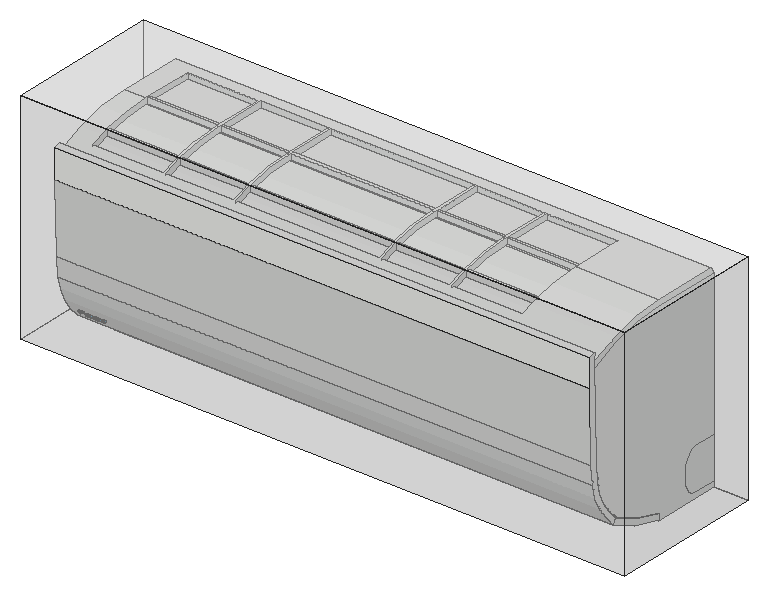
Revit family "outputfile", category 機械設備, Revit 2024
Family settings
  丸型コネクタ寸法 = 半径を使用
  パーツ タイプ = 標準
  OmniClass 番号 = 23.75.10.24.21.27.27
  OmniClass タイトル = Split System Air Conditioning Units
  作業面ベース = いいえ
  常に垂直 = はい
  ロード時にボイドで切り取り = いいえ
  注釈の向きを維持 = いいえ
  共有 = いいえ
  部屋計算ポイント = いいえ
Parameters (values of type "FTKQ25UVM4")
  Description = ""
  書き出し IFC クラス(タイプ) = "IfcUnitaryEquipmentType"
  定義済み IFC タイプ(タイプ) = "AIRCONDITIONINGUNIT"
  Cost = 0
  Type Comments = ""
  Keynote = ""
  Type Image = (empty or 0)
  Assembly Code = ""
  w_wall hole = if(Width = 770.0 mm, 48.0 mm, 60.0 mm)  # 48.0 mm
  製造元 = "Daikin"
  モデル = "FTKQ25UVM4"
  switch_frequency = yes
  r_Liquid Pipe Size = Liquid Pipe Size / 2  # 3.2 mm
  r_Gas Pipe Size = Gas Pipe Size / 2  # 4.75 mm
  r_Drain Pipe Size = Drain Pipe Size / 2  # 8.0 mm
  lw_powersupply [instance] = if(Width = 770.0 mm, if(or(Rear Right Connection_refrigerant, Bottom Right Connection_refrigerant), 25.0 mm, if(or(Rear Left Connection_refrigerant, Bottom Left Connection_refrigerant), 745.0 mm, 400.0 mm)), if(Width = 990.0 mm, if(or(Rear Right Connection_refrigerant, Bottom Right Connection_refrigerant), 40.0 mm, if(or(Rear Left Connection_refrigerant, Bottom Left Connection_refrigerant), 920.0 mm, 400.0 mm)), if(or(Rear Right Connection_refrigerant, Bottom Right Connection_refrigerant), 40.0 mm, if(or(Rear Left Connection_refrigerant, Bottom Left Connection_refrigerant), 920.0 mm, 400.0 mm))))  # 400.0 mm
  lw_liquidpipe [instance] = if(Width = 770.0 mm, if(or(Rear Right Connection_refrigerant, Bottom Right Connection_refrigerant), 0.0 mm, if(or(Rear Left Connection_refrigerant, Bottom Left Connection_refrigerant), 664.0 mm, 385.0 mm)), if(Width = 990.0 mm, if(or(Rear Right Connection_refrigerant, Bottom Right Connection_refrigerant), 0.0 mm, if(or(Rear Left Connection_refrigerant, Bottom Left Connection_refrigerant), 664.0 mm + (990.0 mm - 770.0 mm), 475.0 mm)), if(or(Rear Right Connection_refrigerant, Bottom Right Connection_refrigerant), 0.0 mm, if(or(Rear Left Connection_refrigerant, Bottom Left Connection_refrigerant), 664.0 mm + (990.0 mm - 770.0 mm), 475.0 mm))))  # 385.0 mm
  lw_gaspipe [instance] = if(Width = 770.0 mm, if(or(Rear Right Connection_refrigerant, Bottom Right Connection_refrigerant), 0.0 mm, if(or(Rear Left Connection_refrigerant, Bottom Left Connection_refrigerant), 675.0 mm, if(Gas Pipe Size = 12.7 mm, 345.0 mm, 335.0 mm))), if(Width = 990.0 mm, if(or(Rear Right Connection_refrigerant, Bottom Right Connection_refrigerant), 10.0 mm, if(or(Rear Left Connection_refrigerant, Bottom Left Connection_refrigerant), 890.0 mm, if(Gas Pipe Size = 15.9 mm, 400.0 mm, 400.0 mm))), if(or(Rear Right Connection_refrigerant, Bottom Right Connection_refrigerant), 10.0 mm, if(or(Rear Left Connection_refrigerant, Bottom Left Connection_refrigerant), 890.0 mm, if(Gas Pipe Size = 15.9 mm, 400.0 mm, 400.0 mm)))))  # 335.0 mm
  lw_drainpipe [instance] = if(Width = 770.0 mm, if(or(Rear Right Connection_refrigerant, Bottom Right Connection_refrigerant), 0.0 mm, if(or(Rear Left Connection_refrigerant, Bottom Left Connection_refrigerant), 770.0 mm - 48.0 mm - 48.0 mm, 440.0 mm)), if(Width = 990.0 mm, if(or(Rear Right Connection_refrigerant, Bottom Right Connection_refrigerant), 0.0 mm, if(or(Rear Left Connection_refrigerant, Bottom Left Connection_refrigerant), 675.0 mm + (990.0 mm - 770.0 mm), 435.0 mm)), if(or(Rear Right Connection_refrigerant, Bottom Right Connection_refrigerant), 0.0 mm, if(or(Rear Left Connection_refrigerant, Bottom Left Connection_refrigerant), 675.0 mm + (990.0 mm - 770.0 mm), 435.0 mm))))  # 440.0 mm
  l_powersupply_length [instance] = if(Width = 770.0 mm, if(Right Connection_refrigerant, 400.0 mm, if(Left Connection_refrigerant, 770.0 mm - 400.0 mm, if(or(Rear Left Connection_refrigerant, Rear Right Connection_refrigerant), 15.0 mm, 50.0 mm))), if(Width = 990.0 mm, if(Right Connection_refrigerant, 400.0 mm, if(Left Connection_refrigerant, 990.0 mm - 400.0 mm, if(or(Rear Left Connection_refrigerant, Rear Right Connection_refrigerant), 15.0 mm, 50.0 mm))), if(Right Connection_refrigerant, 400.0 mm, if(Left Connection_refrigerant, 990.0 mm - 400.0 mm, if(or(Rear Left Connection_refrigerant, Rear Right Connection_refrigerant), 15.0 mm, 50.0 mm)))))  # 400.0 mm
  l_liquidpipe_length [instance] = if(Width = 770.0 mm, if(Right Connection_refrigerant, 433.0 mm, if(Left Connection_refrigerant, 337.0 mm, if(or(Rear Left Connection_refrigerant, Rear Right Connection_refrigerant), 30.0 mm, 50.0 mm))), if(Width = 990.0 mm, if(Right Connection_refrigerant, 535.0 mm, if(Left Connection_refrigerant, 455.0 mm, if(or(Rear Left Connection_refrigerant, Rear Right Connection_refrigerant), 30.0 mm, 50.0 mm))), if(Right Connection_refrigerant, 535.0 mm, if(Left Connection_refrigerant, 455.0 mm, if(or(Rear Left Connection_refrigerant, Rear Right Connection_refrigerant), 30.0 mm, 50.0 mm)))))  # 433.0 mm
  l_gaspipe_length [instance] = if(Width = 770.0 mm, if(Right Connection_refrigerant, if(Gas Pipe Size = 12.7 mm, 393.0 mm, 383.0 mm), if(Left Connection_refrigerant, if(Gas Pipe Size = 12.7 mm, 770.0 mm - 393.0 mm, 770.0 mm - 383.0 mm), if(or(Rear Left Connection_refrigerant, Rear Right Connection_refrigerant), 40.0 mm, 40.0 mm))), if(Width = 990.0 mm, if(Right Connection_refrigerant, if(Gas Pipe Size = 15.9 mm, 460.0 mm, 460.0 mm), if(Left Connection_refrigerant, if(Gas Pipe Size = 15.9 mm, 990.0 mm - 460.0 mm, 990.0 mm - 460.0 mm), if(or(Rear Left Connection_refrigerant, Rear Right Connection_refrigerant), 40.0 mm, 40.0 mm))), if(Right Connection_refrigerant, if(Gas Pipe Size = 15.9 mm, 460.0 mm, 460.0 mm), if(Left Connection_refrigerant, if(Gas Pipe Size = 15.9 mm, 990.0 mm - 460.0 mm, 990.0 mm - 460.0 mm), if(or(Rear Left Connection_refrigerant, Rear Right Connection_refrigerant), 40.0 mm, 40.0 mm)))))  # 383.0 mm
  l_drainpipe_length [instance] = if(Width = 770.0 mm, if(Right Connection_refrigerant, 488.0 mm, if(Left Connection_refrigerant, 282.0 mm, if(or(Rear Left Connection_refrigerant, Rear Right Connection_refrigerant), 15.0 mm, 20.0 mm))), if(Width = 990.0 mm, if(Right Connection_refrigerant, 495.0 mm, if(Left Connection_refrigerant, 495.0 mm, if(or(Rear Left Connection_refrigerant, Rear Right Connection_refrigerant), 15.0 mm, 20.0 mm))), if(Right Connection_refrigerant, 495.0 mm, if(Left Connection_refrigerant, 495.0 mm, if(or(Rear Left Connection_refrigerant, Rear Right Connection_refrigerant), 15.0 mm, 20.0 mm)))))  # 488.0 mm
  h*** = 0.0 mm  # constant formula
  connector_voltage = Voltage_50Hz  # 230 V
  connector_powerinput = [Power Input (Cooling)]  # 0.000 kW
  connector_phase = Phase_50Hz  # 1
  angle_vertical [instance] = if(or(Bottom Left Connection_refrigerant, Bottom Right Connection_refrigerant), 0.00°, 90.00°)  # 90.00°
  angle_horizontal [instance] = if(Right Connection_refrigerant, 90.00°, if(Left Connection_refrigerant, -90.00°, if(or(Rear Left Connection_refrigerant, Rear Right Connection_refrigerant), 180.00°, 0.00°)))  # 90.00°
  Width = 770.0 mm
  Voltage_comment_50Hz = "220 - 240"
  Voltage_50Hz = 230 V
  Version = "ver.1.0"
  Unit Type = "Wall Mounted"
  Unit Mass Weight = 8.00 kg
  Unit Designation [instance] = ""
  Uniclass2015Version = "Products v1.30"
  Uniclass2015Title = "Split coil room air conditioning units"
  Uniclass2015Code = "Pr_70_65_03_86"
  URL = ""
  Total Cooling Capacity [instance] = 0.000 kW
  Sound Pressure Level_M speed (dBA) = 32
  Sound Pressure Level_L speed (dBA) = 27
  Sound Pressure Level_H speed (dBA) = 36
  Sound Power Level_H speed (dB) = 0
  Series = "Single Split_Fan Coil Unit"
  Sensible Cooling Capacity [instance] = 0.000 kW
  Refrigerant Type = "R32"
  Power Input (Cooling) = 0.000 kW
  Phase_50Hz = 1
  Option Accessory 3 [instance] = ""
  Option Accessory 2 [instance] = ""
  Option Accessory 1 [instance] = ""
  Nominal Cooling Capacity = 2.500 kW
  Minimum Circuit Amps_50Hz = 0.0 A
  Minimum Airflow = 426.00 m³/h
  Median Airflow = 504.00 m³/h
  Maximum Fuse Amps_50Hz = 0.0 A
  Maximum Airflow = 594.00 m³/h
  Material_Casing = DAIKIN_White_Casing_indoorunit
  Load Classification = HVAC
  Liquid Pipe Size = 6.4 mm
  Link_Nested Family [instance] = ""
  IfcVersion = ""
  IfcExportType = "AIRCONDITIONINGUNIT"
  IfcExportAs = "IfcUnitaryEquipmentType"
  Height = 285.0 mm
  Heat Exchanger Type = "Cross Fin Coil"
  Gas Pipe Size = 9.5 mm
  Frequency_50Hz = 50 Hz
  Fan Type = "Cross Flow Fan"
  Fan Drive = "Direct Drive"
  FCU Tag No. [instance] = ""
  Drain Pipe Size = 16.0 mm
  Design Supply Airflow [instance] = 0.00 m³/h
  Depth = 223.0 mm
  既定の高さ = 0.0 mm
  Cooling Entering Wet Bulb Temperature [instance] = 0.00 °C
  Cooling Entering Dry Bulb Temperature [instance] = 0.00 °C
  Cooling Ambient Wet Bulb Temperature [instance] = 0.00 °C
  Cooling Ambient Dry Bulb Temperature [instance] = 0.00 °C
  Clearance visibility [instance] = yes
  Clearance Top = 30.0 mm
  Clearance Right = 50.0 mm
  Clearance Rear = 0.0 mm
  Clearance Left = 50.0 mm
  Clearance Front = 0.0 mm
  Clearance Bottom = 0.0 mm
  Bottom Right Connection_refrigerant [instance] = no
  Bottom Left Connection_refrigerant [instance] = no
  Rear Right Connection_refrigerant [instance] = no
  Rear Left Connection_refrigerant [instance] = no
  Right Connection_refrigerant [instance] = yes
  Left Connection_refrigerant [instance] = no
Reference planes
  plane 1 "Back": y = 0
  plane 2: z = 0
  plane 3 "Center (Left/Right)": x = 0
  plane 4 "Center (Front/Back)": y = -111.5
  plane 5 "Front": y = -223
  plane 6 "Left": x = -385
  plane 7 "Right": x = 385
  plane 8 "Top": z = 0
  plane 9 "Bottom": z = -285
  plane 10: x = -435
  plane 11: x = 435
  plane 12: y = 0
  plane 13: y = -223
  plane 14: z = 30
  plane 15: z = -285
  plane 16 "lw_Piping and Wiring intake": x = 337
  plane 17 "lw_gaspipe": x = 2
  plane 18 "lw_liquidpipe": x = -48
  plane 19 "lw_drainpipe": x = -103
  plane 20 "lh_drainpipe": z = -265
  plane 21 "lh_liquidpipe": z = -235
  plane 22 "lh_gaspipe": z = -245
  plane 23 "ld_drainpipe": y = -15
  plane 24 "ld_liquidpipe": y = -30
  plane 25 "ld_gaspipe": y = -40
  plane 26 "lw_powersupply": x = -15
Dimensions and locks
  equal spacing: plane 6 "Left", plane 3 "Center (Left/Right)", plane 7 "Right"
  "Width": plane 6 "Left" to plane 7 "Right"
  equal spacing: plane 5 "Front", plane 4 "Center (Front/Back)", plane 1 "Back"
  "Depth": plane 5 "Front" to plane 1 "Back"
  "Height": plane 8 "Top" to plane 9 "Bottom"
  "Clearance Rear": plane 12 to plane 1 "Back"
  "Clearance Front": plane 13 to plane 5 "Front"
  "Clearance Top": plane 14 to plane 8 "Top"
  "Clearance Bottom": plane 9 "Bottom" to plane 15
  "w_wall hole": plane 16 "lw_Piping and Wiring intake" to plane 7 "Right"
  "lw_gaspipe": plane 17 "lw_gaspipe" to plane 16 "lw_Piping and Wiring intake"
  "lw_liquidpipe": plane 18 "lw_liquidpipe" to plane 16 "lw_Piping and Wiring intake"
  "lw_drainpipe": plane 19 "lw_drainpipe" to plane 16 "lw_Piping and Wiring intake"
  locked: plane 20 "lh_drainpipe" to plane 9 "Bottom" at 20
  locked: plane 21 "lh_liquidpipe" to plane 9 "Bottom" at 50
  locked: plane 22 "lh_gaspipe" to plane 9 "Bottom" at 40
  locked: plane 23 "ld_drainpipe" to plane 1 "Back" at 15
  locked: plane 1 "Back" to plane 24 "ld_liquidpipe" at 30
  locked: plane 1 "Back" to plane 25 "ld_gaspipe" at 40
  "lw_powersupply": plane 26 "lw_powersupply" to plane 7 "Right"
  "Clearance Left": plane 10 to plane 6 "Left"
  "Clearance Right": plane 7 "Right" to plane 11
  aligned and locked: level to plane 2
  aligned and locked: plane 12 to nested 1
  aligned and locked: nested 1 to plane 13
  aligned and locked: plane 10 to nested 1
  aligned and locked: plane 11 to nested 1
  aligned and locked: plane 15 to nested 1
  aligned and locked: plane 14 to nested 1
  aligned and locked: plane 17 "lw_gaspipe" to nested 2
  aligned and locked: nested 2 to plane 25 "ld_gaspipe"
  aligned and locked: plane 18 "lw_liquidpipe" to nested 3
  aligned and locked: nested 3 to plane 24 "ld_liquidpipe"
  aligned and locked: plane 19 "lw_drainpipe" to nested 4
  aligned and locked: nested 4 to plane 23 "ld_drainpipe"
  aligned and locked: nested 5 to plane 23 "ld_drainpipe"
  aligned and locked: plane 26 "lw_powersupply" to nested 5
  aligned and locked: level to plane 8 "Top"
  aligned and locked: plane 3 "Center (Left/Right)" to nested 6
  aligned and locked: plane 1 "Back" to nested 6
  aligned and locked: plane 8 "Top" to nested 6
Nested families
  nested 1: "daikin_clearancespace" at (0, -111.5, -127.381), show <- "Clearance visibility", visible <- "Clearance visibility", Link_Nested Family <- "Link_Nested Family", type "daikin_clearancespace"
    with width 870.0 mm, show yes, height 315.0 mm, depth 223.0 mm, Link_Nested Family ""
  nested 2: "daikin_connector_rotate3" at (2, -40, -245), angle_vertical <- "angle_vertical", angle_horizontal <- "angle_horizontal", length <- "l_gaspipe_length", radius <- "r_Gas Pipe Size", type "daikin_connector_rotate3"
    with show no, radius 4.75 mm, length 383.0 mm, angle_vertical 90.00°, angle_horizontal 90.00°
  nested 3: "daikin_connector_rotate3" at (-48, -30, -235), angle_vertical <- "angle_vertical", angle_horizontal <- "angle_horizontal", radius <- "r_Liquid Pipe Size", length <- "l_liquidpipe_length", type "daikin_connector_rotate3"
    with show no, radius 3.2 mm, length 433.0 mm, angle_vertical 90.00°, angle_horizontal 90.00°
  nested 4: "daikin_connector_rotate3" at (-103, -15, -265), angle_vertical <- "angle_vertical", angle_horizontal <- "angle_horizontal", length <- "l_drainpipe_length", radius <- "r_Drain Pipe Size", type "daikin_connector_rotate3"
    with show no, radius 8.0 mm, length 488.0 mm, angle_vertical 90.00°, angle_horizontal 90.00°
  nested 5: "daikin_connector_rotate3" at (-15, -15, -235), angle_vertical <- "angle_vertical", angle_horizontal <- "angle_horizontal", length <- "l_powersupply_length", type "daikin_connector_rotate3"
    with show no, radius 10.0 mm, length 400.0 mm, angle_vertical 90.00°, angle_horizontal 90.00°
  nested 6: "DAIKIN_indoorunit_FTKQ-UVM4" at (-31, 0, 0), type "FTKQ-UVM4"
Connectors
  piping at (385, -40, -245), diameter 9.5, driven by "r_Gas Pipe Size"
    settings: on nested 2, index 1, connector inside diameter 609.6 mm, connector length 0.0 mm, flow factor 0, pipe flow 0.00 m³/h, pressure drop 0.0 Pa, fitting loss kfactor 0, connector angle 0.00°, fixture units 0, engagement length 0.0 mm, angle of deflection 0.00°, flow configuration 1, flow direction 2, fitting loss method 0, system type 29, joint type 0, gender type 0, connector reference index -1, connector utility 0, adjustable connector no, is connector primary yes, connector description "Refrigerant Gas Piping"
  piping at (385, -30, -235), diameter 6.4, driven by "r_Liquid Pipe Size"
    settings: on nested 3, index 2, connector inside diameter 609.6 mm, connector length 0.0 mm, flow factor 0, pipe flow 0.00 m³/h, pressure drop 0.0 Pa, fitting loss kfactor 0, connector angle 0.00°, fixture units 0, engagement length 0.0 mm, angle of deflection 0.00°, flow configuration 1, flow direction 1, fitting loss method 0, system type 29, joint type 0, gender type 0, connector reference index -1, connector utility 0, adjustable connector no, is connector primary no, connector description "Refrigerant Liquid Piping"
  piping at (385, -15, -265), diameter 16, driven by "r_Drain Pipe Size"
    settings: on nested 4, index 3, connector inside diameter 609.6 mm, connector length 0.0 mm, flow factor 0, pipe flow 0.00 m³/h, pressure drop 0.0 Pa, fitting loss kfactor 0, connector angle 0.00°, fixture units 0, engagement length 0.0 mm, angle of deflection 0.00°, flow configuration 1, flow direction 2, fitting loss method 4, system type 16, joint type 0, gender type 0, connector reference index -1, connector utility 0, adjustable connector no, is connector primary no, connector description "Condensate Drain Piping"
  electrical at (385, -15, -235), driven by "Load Classification", driven by "connector_powerinput", driven by "connector_phase", driven by "connector_voltage"
    settings: on nested 5, index 4, voltage 230 V, apparent load 0 VA, apparent load phase1 0 VA, apparent load phase2 0 VA, apparent load phase3 0 VA, power factor 1, load classification "HVAC", number of poles 1, system type 30, power factor state 1, is connector primary yes, connector utility no, sub classification motor no, connector description "Power Supply"
Definition of nested family "daikin_clearancespace"
  Parameters (values of type "daikin_clearancespace")
    Description = "daikin_clearancespace"
    width [instance] = 1823.963 mm
    show [instance] = yes
    material = none
    height [instance] = 1359.762 mm
    depth [instance] = 880.0 mm
    Default Elevation = 0.0 mm
    Link_Nested Family [instance] = ""
  Reference planes
    plane 1 "Center (Front/Back)": y = 0
    plane 2 "Center (Elevation)": z = -0.119
    plane 3 "Center (Left/Right)": x = 0
    plane 4: y = 440
    plane 5: y = -440
    plane 6 "Right": x = 911.982
    plane 7 "Left": x = -911.982
    plane 8 "Top": z = 679.762
    plane 9 "Bottom": z = -680
  Forms (mm)
    Extrusion 1, solid, material <- "material", visible <- "show"
      sketch origin (0, 0, 0) x (1, 0, 0) y (0, 1, 0)
        loop
          line (-911.982, 440) -> (-911.982, -440) -> (911.982, -440) -> (911.982, 440) -> (-911.982, 440)
      from -680 to 679.762
  Lines and regions (mm)
    symbolic lines, visible <- "show"
      curve 1: line (911.982, 440, 0) -> (-911.982, 440, 0)
      curve 2: line (-911.982, 440, 0) -> (-911.982, -440, 0)
      curve 3: line (-911.982, -440, 0) -> (911.982, -440, 0)
      curve 4: line (911.982, -440, 0) -> (911.982, 440, 0)
      curve 5: line (911.982, 0, 679.762) -> (-911.982, 0, 679.762)
      curve 6: line (911.982, 0, -680) -> (911.982, 0, 679.762)
      curve 7: line (-911.982, 0, -680) -> (911.982, 0, -680)
      curve 8: line (-911.982, 0, 679.762) -> (-911.982, 0, -680)
      curve 9: line (0, 440, 679.762) -> (0, -440, 679.762)
      curve 10: line (0, -440, 679.762) -> (0, -440, -680)
      curve 11: line (0, 440, -680) -> (0, 440, 679.762)
      curve 12: line (0, -440, -680) -> (0, 440, -680)
  Dimensions and locks
    "width": plane 7 "Left" to plane 6 "Right"
    "depth": plane 4 to plane 5
    "height": plane 8 "Top" to plane 9 "Bottom"
    equal spacing: plane 7 "Left", plane 3 "Center (Left/Right)", plane 6 "Right"
    equal spacing: plane 4, plane 1 "Center (Front/Back)", plane 5
    equal spacing: plane 8 "Top", plane 2 "Center (Elevation)", plane 9 "Bottom"
    aligned and locked: level to plane 2 "Center (Elevation)"
    aligned and locked: Extrusion 1 sketch curve to plane 4
    aligned and locked: plane 7 "Left" to Extrusion 1 sketch curve
    aligned and locked: Extrusion 1 sketch curve to plane 5
    aligned and locked: Extrusion 1 sketch curve to plane 6 "Right"
    aligned and locked: plane 8 "Top" to Extrusion 1
    aligned and locked: curve 1 to Extrusion 1
    aligned and locked: curve 2 to Extrusion 1
    aligned and locked: curve 3 to Extrusion 1
    aligned and locked: curve 4 to Extrusion 1
    aligned and locked: curve 5 to Extrusion 1
    aligned and locked: curve 6 to Extrusion 1
    aligned and locked: curve 7 to Extrusion 1
    aligned and locked: curve 8 to Extrusion 1
    aligned and locked: curve 9 to Extrusion 1
    aligned and locked: curve 10 to Extrusion 1
    aligned and locked: curve 11 to Extrusion 1
    aligned and locked: curve 12 to Extrusion 1
    aligned and locked: Extrusion 1 to plane 9 "Bottom"
Definition of nested family "DAIKIN_indoorunit_FTKQ-UVM4"
  Parameters (values of type "FTKQ-UVM4")
    Material_Casing = none
    Default Elevation = 0.0 mm
  Reference planes
    plane 1 "Center (Front/Back)": y = 0
    plane 2 "reference_level": z = 0
    plane 3 "Center (Left/Right)": x = 31
    plane 4: x = -354
    plane 5: x = 416
    plane 6: z = -285
  Forms (mm)
    Extrusion 1, solid, material <- "Material_Casing"
      sketch origin (29, 0, 0) x (0, 1, 0) y (0, 0, 1)
        loop
          line (-5, 0) -> (-98, 0)
          arc (-98, 0) -> (-157.611, -7.211) -> (-213.783, -28.427) r 250
          arc (-213.783, -28.427) -> (-213.842, -32.972) -> (-213.892, -37.516) r 2191
          arc (-213.892, -37.516) -> (-157.832, -15.495) -> (-98.07, -8) r 242
          line (-98.07, -8) -> (0, -8) -> (-5, 0)
      from -383 to 387
    Extrusion 2, solid, material <- "Material_Casing"
      sketch origin (416, 1296.25, 1200) x (0, 1, 0) y (0, 0, 1)
        loop
          line (-1472.998, -1446.91) -> (-1476.998, -1453.839)
          arc (-1476.998, -1453.839) -> (-1437.481, -1472.422) -> (-1395.25, -1483.538) r 240
          line (-1395.25, -1483.538) -> (-1395.25, -1475.422)
          arc (-1395.25, -1475.422) -> (-1435.407, -1464.663) -> (-1472.998, -1446.91) r 232
      from 0 to -47.5
    Extrusion 3, solid, material <- "Material_Casing"
      sketch origin (29, 0, 0) x (0, 1, 0) y (0, 0, 1)
        loop
          arc (-223, -60.455) -> (-222.414, -110.646) -> (-220.656, -160.81) r 2149.92
          arc (-220.656, -160.81) -> (-219.65, -174.299) -> (-217.853, -187.706) r 229.911
          arc (-217.853, -187.706) -> (-205.371, -223.594) -> (-181.517, -253.17) r 111
          line (-181.517, -253.17) -> (-177.429, -246.093)
          arc (-177.429, -246.093) -> (-198.77, -218.989) -> (-209.965, -186.36) r 103
          arc (-209.965, -186.36) -> (-211.681, -173.586) -> (-212.651, -160.735) r 221.844
          arc (-212.651, -160.735) -> (-214.739, -93.233) -> (-214.74, -25.699) r 2186.828
          arc (-214.74, -25.699) -> (-214.671, -21.467) -> (-214.594, -17.235) r 2192
          line (-214.594, -17.235) -> (-223, -19.961) -> (-223, -60.455)
      from -383 to 387
    Extrusion 4, solid, material <- "Material_Casing"
      sketch origin (29, 0, -20) x (0, 1, 0) y (0, 0, 1)
        loop
          line (0, -265) -> (0, 12) -> (-98.07, 12)
          arc (-98.07, 12) -> (-157.832, 4.505) -> (-213.892, -17.516) r 242
          arc (-213.892, -17.516) -> (-213.638, -79.114) -> (-211.653, -140.681) r 2191
          arc (-211.653, -140.681) -> (-210.685, -153.501) -> (-208.973, -166.243) r 221
          arc (-208.973, -166.243) -> (-197.471, -199.282) -> (-175.482, -226.491) r 102
          arc (-175.482, -226.491) -> (-138.004, -244.019) -> (-98, -254.579) r 231
          line (-98, -254.579) -> (-98, -265) -> (0, -265)
      from -383 to 387
    Extrusion 5, solid, material <- "Material_Casing"
      sketch origin (-354, 1296.25, 1200) x (0, 1, 0) y (0, 0, 1)
        loop
          line (-1472.998, -1446.91) -> (-1476.998, -1453.839)
          arc (-1476.998, -1453.839) -> (-1437.481, -1472.422) -> (-1395.25, -1483.538) r 240
          line (-1395.25, -1483.538) -> (-1395.25, -1475.422)
          arc (-1395.25, -1475.422) -> (-1435.407, -1464.663) -> (-1472.998, -1446.91) r 232
      from 47 to 0
    Extrusion 6, solid, material <- "Material_Casing"
      sketch origin (416, 1296.25, 1200) x (0, 1, 0) y (0, 0, 1)
        loop
          line (-1472.998, -1446.91) -> (-1476.998, -1453.839)
          arc (-1476.998, -1453.839) -> (-1443.437, -1470.168) -> (-1407.75, -1481.097) r 240
          line (-1407.75, -1481.097) -> (-1407.75, -1472.894)
          arc (-1407.75, -1472.894) -> (-1441.363, -1462.385) -> (-1472.998, -1446.91) r 232
      from -116.993 to -48.493
    Extrusion 7, solid, material <- "Material_Casing"
      sketch origin (416, 1296.25, 1200) x (0, 1, 0) y (0, 0, 1)
        loop
          line (-1472.998, -1446.91) -> (-1476.998, -1453.839)
          arc (-1476.998, -1453.839) -> (-1443.437, -1470.168) -> (-1407.75, -1481.097) r 240
          line (-1407.75, -1481.097) -> (-1407.75, -1472.894)
          arc (-1407.75, -1472.894) -> (-1441.363, -1462.385) -> (-1472.998, -1446.91) r 232
      from -717 to -121.993
    Extrusion 8, void
      sketch origin (31, 0, -235) x (1, 0, 0) y (0, 1, 0)
        loop
          line (-252.674, -22.316) -> (-354.941, -22.316) -> (-354.941, -91.341) -> (-252.674, -91.341) -> (-252.674, -22.316)
        loop
          line (-249.341, -91.341) -> (-151.574, -91.341) -> (-151.574, -22.316) -> (-249.341, -22.316) -> (-249.341, -91.341)
        loop
          line (58.309, -22.316) -> (-148.309, -22.316) -> (-148.309, -91.341) -> (58.309, -91.341) -> (58.309, -22.316)
        loop
          line (61.689, -22.316) -> (61.689, -91.341) -> (159.457, -91.341) -> (159.457, -22.316) -> (61.689, -22.316)
        loop
          line (162.789, -22.316) -> (162.789, -91.341) -> (265.057, -91.341) -> (265.057, -22.316) -> (162.789, -22.316)
        loop
          line (-354.941, -94.659) -> (-354.941, -165.259) -> (-252.674, -165.259) -> (-252.674, -94.659) -> (-354.941, -94.659)
        loop
          line (-249.341, -94.659) -> (-249.341, -165.259) -> (-151.574, -165.259) -> (-151.574, -94.659) -> (-249.341, -94.659)
        loop
          line (-148.309, -94.659) -> (-148.309, -165.259) -> (58.309, -165.259) -> (58.309, -94.659) -> (-148.309, -94.659)
        loop
          line (61.689, -94.659) -> (61.689, -165.259) -> (159.457, -165.259) -> (159.457, -94.659) -> (61.689, -94.659)
        loop
          line (162.789, -94.659) -> (162.789, -165.259) -> (265.057, -165.259) -> (265.057, -94.659) -> (162.789, -94.659)
        loop
          line (-354.941, -167.382) -> (-354.941, -192.681) -> (-252.674, -192.681) -> (-252.674, -167.382) -> (-354.941, -167.382)
        loop
          line (-249.341, -167.382) -> (-249.341, -192.681) -> (-151.574, -192.681) -> (-151.574, -167.382) -> (-249.341, -167.382)
        loop
          line (-148.309, -167.382) -> (-148.309, -192.681) -> (58.309, -192.681) -> (58.309, -167.382) -> (-148.309, -167.382)
        loop
          line (159.457, -167.382) -> (61.689, -167.382) -> (61.689, -192.681) -> (159.457, -192.681) -> (159.457, -167.382)
        loop
          line (265.057, -167.382) -> (162.789, -167.382) -> (162.789, -192.681) -> (265.057, -192.681) -> (265.057, -167.382)
      from 201.638 to 250
    Extrusion 9, solid, material <- "Material_Casing"
      sketch origin (31, 0, 0) x (1, 0, 0) y (0, 0, 1)
        loop
          circle (337, -240.5) r 32.5
        loop
          circle (-337, -240.5) r 32.5
      from 0 to 5
    Extrusion 10, solid, material <- "Material_Casing"
      sketch origin (416, 1296.25, 1200) x (0, -1, 0) y (0, 0, 1)
        loop
          line (1326.25, -1417) -> (1296.25, -1417) -> (1296.25, -1477) -> (1326.25, -1477)
          arc (1326.25, -1477) -> (1340.393, -1471.142) -> (1346.25, -1457) r 20
          line (1346.25, -1457) -> (1346.25, -1437)
          arc (1346.25, -1437) -> (1340.393, -1422.858) -> (1326.25, -1417) r 20
      from 0 to 5
    Extrusion 11, solid, material <- "Material_Casing"
      sketch origin (-354, 1296.25, 1200) x (0, 1, 0) y (0, 0, 1)
        loop
          line (-1296.25, -1417) -> (-1326.25, -1417)
          arc (-1326.25, -1417) -> (-1340.393, -1422.858) -> (-1346.25, -1437) r 20
          line (-1346.25, -1437) -> (-1346.25, -1457)
          arc (-1346.25, -1457) -> (-1340.393, -1471.142) -> (-1326.25, -1477) r 20
          line (-1326.25, -1477) -> (-1296.25, -1477) -> (-1296.25, -1417)
      from 0 to 5
    Extrusion 12, solid, material <- "Material_Casing"
      sketch origin (31, 0, -285) x (-1, 0, 0) y (0, -1, 0)
        loop
          line (-314, 0) -> (-314, 30)
          arc (-314, 30) -> (-319.858, 44.142) -> (-334, 50) r 20
          line (-334, 50) -> (-354, 50)
          arc (-354, 50) -> (-368.142, 44.142) -> (-374, 30) r 20
          line (-374, 30) -> (-374, 0) -> (-314, 0)
        loop
          line (374, 0) -> (374, 30)
          arc (374, 30) -> (368.142, 44.142) -> (354, 50) r 20
          line (354, 50) -> (334, 50)
          arc (334, 50) -> (319.858, 44.142) -> (314, 30) r 20
          line (314, 30) -> (314, 0) -> (374, 0)
      from 0 to 5
  Cuts and joins
    Extrusion 8 cuts Extrusion 1
  Lines and regions (mm)
    reference lines
      curve 1: line (-523, -201.911, -229.404) -> (-523, -193.542, -239.977)
  Dimensions and locks
    locked: Extrusion 10 sketch curve to Extrusion 10 sketch curve at 60
    locked: Extrusion 10 sketch curve to Extrusion 10 sketch curve at 50
    locked: Extrusion 12 sketch curve to Extrusion 12 sketch curve at 60  (x2)
    locked: Extrusion 12 sketch curve to Extrusion 12 sketch curve at 50
    equal spacing: plane 5, plane 3 "Center (Left/Right)", plane 4
    plane 5 to plane 4 = 770.0 mm
    locked: Extrusion 9 sketch curve to plane 4 at 48
    plane 5 to Extrusion 9 sketch curve = 48.0 mm
    plane 2 "reference_level" to plane 6 = 285.0 mm
    locked: Extrusion 9 sketch curve to plane 6 at 44.5  (x2)
    diameter of Extrusion 9 sketch curve = 65.0 mm  (x2)
    aligned and locked: level to plane 2 "reference_level"
    aligned and locked: nested 1 to curve 1
    aligned and locked: Extrusion 11 sketch curve to Extrusion 10  (x4)
    aligned and locked: Extrusion 12 sketch curve to Extrusion 12 sketch curve  (x2)
    aligned and locked: Extrusion 9 to plane 1 "Center (Front/Back)"
  Automatic sketch dimensions
    curve 1 to level = 239.977 mm
    plane 1 "Center (Front/Back)" to curve 1 = 193.542 mm
    curve 1 to curve 1 = 10.573 mm
    curve 1 to curve 1 = 8.368 mm
    Extrusion 1 sketch curve to level = 0.0 mm
    Extrusion 1 sketch curve to plane 1 "Center (Front/Back)" = 0.0 mm
    plane 1 "Center (Front/Back)" to Extrusion 1 sketch curve = 5.0 mm
    plane 1 "Center (Front/Back)" to Extrusion 1 sketch curve = 98.0 mm
    Extrusion 1 sketch curve to Extrusion 1 sketch curve = 0.07 mm
    Extrusion 1 sketch curve to level = 59.292 mm
    Extrusion 1 sketch curve to plane 1 "Center (Front/Back)" = 1977.0 mm
    Extrusion 1 sketch curve to level = 250.0 mm
    Extrusion 1 sketch curve to Extrusion 1 sketch curve = 0.0 mm
    Extrusion 1 sketch curve to level = 8.0 mm
    Extrusion 1 sketch curve to level = 28.427 mm
    plane 1 "Center (Front/Back)" to Extrusion 2 sketch curve = 180.748 mm
    Extrusion 2 sketch curve to Extrusion 2 sketch curve = 4.0 mm
    Extrusion 2 sketch curve to Extrusion 2 sketch curve = 77.747 mm
    plane 1 "Center (Front/Back)" to Extrusion 2 sketch curve = 59.279 mm
    Extrusion 2 sketch curve to Extrusion 2 sketch curve = 0.0 mm
    Extrusion 2 sketch curve to level = 283.538 mm
    Extrusion 2 sketch curve to Extrusion 2 sketch curve = 8.116 mm
    Extrusion 2 sketch curve to Extrusion 2 sketch curve = 21.583 mm
    Extrusion 2 sketch curve to Extrusion 2 sketch curve = 6.929 mm
    Extrusion 3 sketch curve to level = 19.961 mm
    plane 1 "Center (Front/Back)" to Extrusion 3 sketch curve = 223.0 mm
    Extrusion 3 sketch curve to level = 17.235 mm
    Extrusion 3 sketch curve to Extrusion 3 sketch curve = 8.406 mm
    plane 1 "Center (Front/Back)" to Extrusion 3 sketch curve = 181.517 mm
    Extrusion 3 sketch curve to Extrusion 3 sketch curve = 4.087 mm
    Extrusion 3 sketch curve to Extrusion 3 sketch curve = 69.11 mm
    Extrusion 3 sketch curve to Extrusion 3 sketch curve = 0.001 mm
    Extrusion 3 sketch curve to plane 1 "Center (Front/Back)" = 8.955 mm
    Extrusion 3 sketch curve to Extrusion 3 sketch curve = 0.067 mm
    Extrusion 3 sketch curve to level = 60.455 mm
    Extrusion 3 sketch curve to Extrusion 3 sketch curve = 1917.898 mm
    Extrusion 3 sketch curve to Extrusion 3 sketch curve = 44.907 mm
    Extrusion 3 sketch curve to Extrusion 3 sketch curve = 5.172 mm
    Extrusion 3 sketch curve to level = 150.456 mm
    Extrusion 3 sketch curve to Extrusion 3 sketch curve = 0.006 mm
    Extrusion 3 sketch curve to Extrusion 3 sketch curve = 19.265 mm
    Extrusion 3 sketch curve to Extrusion 3 sketch curve = 0.004 mm
    Extrusion 3 sketch curve to Extrusion 3 sketch curve = 76.368 mm
    Extrusion 3 sketch curve to Extrusion 3 sketch curve = 7.077 mm
    Extrusion 3 sketch curve to Extrusion 3 sketch curve = 1.002 mm
    Extrusion 3 sketch curve to Extrusion 3 sketch curve = 0.046 mm
    Extrusion 3 sketch curve to Extrusion 3 sketch curve = 8.005 mm
    Extrusion 3 sketch curve to Extrusion 3 sketch curve = 0.147 mm
    Extrusion 3 sketch curve to Extrusion 3 sketch curve = 0.0 mm
    Extrusion 4 sketch curve to plane 1 "Center (Front/Back)" = 0.0 mm
    plane 1 "Center (Front/Back)" to Extrusion 4 sketch curve = 59.278 mm
    Extrusion 4 sketch curve to Extrusion 4 sketch curve = 98.0 mm
    Extrusion 4 sketch curve to Extrusion 4 sketch curve = 0.0 mm  (x3)
    Extrusion 4 sketch curve to level = 8.0 mm
    Extrusion 4 sketch curve to Extrusion 4 sketch curve = 38.791 mm
    Extrusion 4 sketch curve to Extrusion 4 sketch curve = 10.249 mm
    Extrusion 4 sketch curve to plane 1 "Center (Front/Back)" = 9.11 mm
    Extrusion 4 sketch curve to level = 59.292 mm
    Extrusion 4 sketch curve to Extrusion 4 sketch curve = 1967.89 mm
    Extrusion 4 sketch curve to Extrusion 4 sketch curve = 142.454 mm
    Extrusion 4 sketch curve to Extrusion 4 sketch curve = 19.271 mm
    Extrusion 4 sketch curve to Extrusion 4 sketch curve = 80.275 mm
    Extrusion 4 sketch curve to Extrusion 4 sketch curve = 24.579 mm
    Extrusion 4 sketch curve to Extrusion 4 sketch curve = 10.421 mm
    Extrusion 4 sketch curve to level = 46.847 mm
    Extrusion 4 sketch curve to Extrusion 4 sketch curve = 77.412 mm
    Extrusion 4 sketch curve to Extrusion 4 sketch curve = 33.49 mm
    Extrusion 4 sketch curve to Extrusion 4 sketch curve = 2.68 mm
    plane 1 "Center (Front/Back)" to Extrusion 5 sketch curve = 180.748 mm
    Extrusion 5 sketch curve to Extrusion 5 sketch curve = 4.0 mm
    Extrusion 5 sketch curve to Extrusion 5 sketch curve = 77.747 mm
    plane 1 "Center (Front/Back)" to Extrusion 5 sketch curve = 59.279 mm
    Extrusion 5 sketch curve to Extrusion 5 sketch curve = 0.0 mm
    Extrusion 5 sketch curve to level = 283.538 mm
    Extrusion 5 sketch curve to Extrusion 5 sketch curve = 8.116 mm
    Extrusion 5 sketch curve to Extrusion 5 sketch curve = 21.583 mm
    Extrusion 5 sketch curve to Extrusion 5 sketch curve = 6.929 mm
    plane 1 "Center (Front/Back)" to Extrusion 6 sketch curve = 180.748 mm
    Extrusion 6 sketch curve to Extrusion 6 sketch curve = 4.0 mm
    Extrusion 6 sketch curve to Extrusion 6 sketch curve = 65.247 mm
    plane 1 "Center (Front/Back)" to Extrusion 6 sketch curve = 59.279 mm
    Extrusion 6 sketch curve to Extrusion 6 sketch curve = 0.0 mm
    Extrusion 6 sketch curve to level = 281.097 mm
    Extrusion 6 sketch curve to Extrusion 6 sketch curve = 8.203 mm
    Extrusion 6 sketch curve to Extrusion 6 sketch curve = 19.055 mm
    Extrusion 6 sketch curve to Extrusion 6 sketch curve = 6.929 mm
    plane 1 "Center (Front/Back)" to Extrusion 7 sketch curve = 180.748 mm
    Extrusion 7 sketch curve to Extrusion 7 sketch curve = 4.0 mm
    Extrusion 7 sketch curve to Extrusion 7 sketch curve = 65.247 mm
    plane 1 "Center (Front/Back)" to Extrusion 7 sketch curve = 59.279 mm
    Extrusion 7 sketch curve to Extrusion 7 sketch curve = 0.0 mm
    Extrusion 7 sketch curve to level = 281.097 mm
    Extrusion 7 sketch curve to Extrusion 7 sketch curve = 8.203 mm
    Extrusion 7 sketch curve to Extrusion 7 sketch curve = 19.055 mm
    Extrusion 7 sketch curve to Extrusion 7 sketch curve = 6.929 mm
    plane 1 "Center (Front/Back)" to Extrusion 8 sketch curve = 165.259 mm  (x2)
    Extrusion 8 sketch curve to plane 3 "Center (Left/Right)" = 354.941 mm
    plane 1 "Center (Front/Back)" to Extrusion 8 sketch curve = 22.316 mm  (x3)
    Extrusion 8 sketch curve to Extrusion 8 sketch curve = 0.0 mm  (x26)
    Extrusion 8 sketch curve to Extrusion 8 sketch curve = 102.268 mm  (x2)
    Extrusion 8 sketch curve to Extrusion 8 sketch curve = 3.332 mm  (x4)
    Extrusion 8 sketch curve to Extrusion 8 sketch curve = 97.768 mm  (x2)
    Extrusion 8 sketch curve to Extrusion 8 sketch curve = 3.264 mm  (x3)
    plane 3 "Center (Left/Right)" to Extrusion 8 sketch curve = 58.309 mm
    Extrusion 8 sketch curve to Extrusion 8 sketch curve = 3.38 mm  (x3)
    Extrusion 8 sketch curve to Extrusion 8 sketch curve = 2.124 mm  (x6)
    Extrusion 8 sketch curve to Extrusion 8 sketch curve = 25.299 mm  (x2)
    Extrusion 8 sketch curve to Extrusion 8 sketch curve = 70.6 mm
    Extrusion 8 sketch curve to Extrusion 8 sketch curve = 3.317 mm  (x4)
    Extrusion 10 sketch curve to plane 1 "Center (Front/Back)" = 0.0 mm
    Extrusion 10 sketch curve to Extrusion 10 sketch curve = 20.0 mm  (x2)
    Extrusion 10 sketch curve to level = 277.0 mm
    plane 1 "Center (Front/Back)" to Extrusion 12 sketch curve = 0.0 mm
    plane 3 "Center (Left/Right)" to Extrusion 12 sketch curve = 374.0 mm
    Extrusion 12 sketch curve to Extrusion 12 sketch curve = 20.0 mm  (x3)
    plane 1 "Center (Front/Back)" to Extrusion 12 sketch curve = 30.0 mm
    Extrusion 12 sketch curve to plane 3 "Center (Left/Right)" = 314.0 mm
  Nested families
    nested 1: "daikin_logo_plane_w40" at (-320, -198.871, -233.244) x (1, 0, 0) z (0, -0.7841, -0.6206), type "daikin_logo_plane_w40"
      with show_logo yes
  Definition of nested family "daikin_logo_plane_w40"
    Parameters (values of type "daikin_logo_plane_w40")
      width = 40.0 mm
      show_logo [instance] = yes
      material = none
      height = 0.0 mm
      depth = 0.0 mm
      Default Elevation = 1219.2 mm
    Reference planes
      plane 1 "Center (Front/Back)": y = 0
      plane 2: z = 0
      plane 3 "Center (Left/Right)": x = 0
      plane 4: z = 2
      plane 5 "left": x = -19
      plane 6: x = 19
    Forms (mm)
      Extrusion 1, solid, visible <- "show_logo"
        sketch origin (-19, 0, 0) x (1, 0, 0) y (0, 1, 0)
          loop
            line (8.902, -1.878) -> (7.789, -6.332) -> (11.13, -6.332)
            arc (11.13, -6.332) -> (12.454, -6.064) -> (13.472, -5.176) r 2.642
            arc (13.472, -5.176) -> (13.92, -4.02) -> (13.767, -2.79) r 2.537
            arc (13.767, -2.79) -> (13.452, -2.342) -> (12.982, -2.06) r 1.321
            arc (12.982, -2.06) -> (12.063, -1.902) -> (11.13, -1.878) r 6.479
            line (11.13, -1.878) -> (8.902, -1.878)
          loop
            line (10.016, -5.441) -> (10.907, -5.441)
            arc (10.907, -5.441) -> (11.591, -4.983) -> (11.988, -4.261) r 1.742
            spline (11.988, -4.261) -> (12.01, -4.155) -> (12.027, -4.03) -> (12.037, -3.893) -> (12.037, -3.747) -> (12.026, -3.598) -> (12.002, -3.451) -> (11.962, -3.31) -> (11.905, -3.181) -> (11.829, -3.069) -> (11.731, -2.978) -> (11.61, -2.913) -> (11.464, -2.88)
            line (11.464, -2.88) -> (10.573, -2.88) -> (10.016, -5.441)
          loop
            line (13.58, -6.332) -> (14.805, -6.332) -> (15.223, -5.553) -> (16.977, -5.553) -> (17.144, -6.332) -> (19.149, -6.332) -> (18.258, -1.878) -> (16.03, -1.878) -> (13.58, -6.332)
          loop
            line (16.476, -3.214) -> (15.76, -4.551) -> (16.762, -4.551) -> (16.476, -3.214)
          loop
            line (19.705, -6.332) -> (21.599, -6.332) -> (22.712, -1.878) -> (20.819, -1.878) -> (19.705, -6.332)
          loop
            line (22.712, -6.332) -> (24.606, -6.332) -> (24.908, -5.122) -> (25.831, -6.332) -> (28.17, -6.332) -> (26.388, -3.994) -> (28.949, -1.878) -> (26.945, -1.878) -> (25.401, -3.153) -> (25.719, -1.878) -> (23.826, -1.878) -> (22.712, -6.332)
          loop
            line (29.84, -1.878) -> (28.615, -6.332) -> (30.62, -6.332) -> (31.734, -1.878) -> (29.84, -1.878)
          loop
            line (31.734, -6.332) -> (33.07, -6.332) -> (33.7, -3.814) -> (34.518, -6.332) -> (36.745, -6.332) -> (37.859, -1.878) -> (36.523, -1.878) -> (35.845, -4.589) -> (34.963, -1.878) -> (32.847, -1.878) -> (31.734, -6.332)
        from 0 to 2
      Extrusion 2, solid, visible <- "show_logo"
        sketch origin (-19, 0, 0) x (1, 0, 0) y (0, 1, 0)
          loop
            line (8.7, 0) -> (4.235, 0) -> (0, -3.879) -> (0, -8) -> (8.7, 0)
        from 0 to 2
      Extrusion 3, solid, visible <- "show_logo"
        sketch origin (-19, 0, 0) x (1, 0, 0) y (0, 1, 0)
          loop
            line (0, 0) -> (0, -3.879) -> (4.235, 0) -> (0, 0)
        from 0 to 2
    Dimensions and locks
      plane 4 to plane 2 = 2.0 mm
      equal spacing: plane 5 "left", plane 3 "Center (Left/Right)", plane 6
      locked: plane 5 "left" to plane 6 at 38
      aligned and locked: level to plane 2
      aligned and locked: Extrusion 3 to plane 1 "Center (Front/Back)"  (x2)
      aligned and locked: Extrusion 2 to plane 1 "Center (Front/Back)"  (x2)
      aligned and locked: plane 4 to Extrusion 1
      aligned and locked: plane 4 to Extrusion 3
      aligned and locked: plane 4 to Extrusion 2
      aligned and locked: Extrusion 3 to plane 5 "left"
      aligned and locked: Extrusion 2 to plane 5 "left"
    Automatic sketch dimensions
      Extrusion 1 sketch curve to Extrusion 1 sketch curve = 0.901 mm
      Extrusion 1 sketch curve to Extrusion 1 sketch curve = 1.559 mm
      Extrusion 1 sketch curve to Extrusion 1 sketch curve = 1.327 mm
      Extrusion 1 sketch curve to Extrusion 1 sketch curve = 2.145 mm
      Extrusion 1 sketch curve to Extrusion 1 sketch curve = 1.448 mm
      Extrusion 1 sketch curve to Extrusion 1 sketch curve = 2.116 mm
      Extrusion 1 sketch curve to Extrusion 1 sketch curve = 1.114 mm  (x4)
      Extrusion 1 sketch curve to Extrusion 1 sketch curve = 1.336 mm  (x2)
      plane 1 "Center (Front/Back)" to Extrusion 1 sketch curve = 1.878 mm  (x5)
      Extrusion 1 sketch curve to Extrusion 1 sketch curve = 1.893 mm  (x5)
      Extrusion 1 sketch curve to Extrusion 1 sketch curve = 0.891 mm  (x4)
      Extrusion 1 sketch curve to Extrusion 1 sketch curve = 2.005 mm  (x3)
      Extrusion 1 sketch curve to Extrusion 1 sketch curve = 0.445 mm  (x2)
      plane 1 "Center (Front/Back)" to Extrusion 1 sketch curve = 3.994 mm
      Extrusion 1 sketch curve to Extrusion 1 sketch curve = 0.557 mm  (x2)
      Extrusion 1 sketch curve to Extrusion 1 sketch curve = 2.339 mm  (x2)
      Extrusion 1 sketch curve to Extrusion 1 sketch curve = 1.225 mm  (x3)
      plane 1 "Center (Front/Back)" to Extrusion 1 sketch curve = 3.153 mm
      Extrusion 1 sketch curve to Extrusion 1 sketch curve = 0.987 mm
      plane 1 "Center (Front/Back)" to Extrusion 1 sketch curve = 5.122 mm
      Extrusion 1 sketch curve to Extrusion 1 sketch curve = 0.922 mm
      plane 1 "Center (Front/Back)" to Extrusion 1 sketch curve = 6.332 mm
      Extrusion 1 sketch curve to Extrusion 1 sketch curve = 2.562 mm
      plane 1 "Center (Front/Back)" to Extrusion 1 sketch curve = 5.553 mm
      Extrusion 1 sketch curve to Extrusion 1 sketch curve = 0.167 mm
      Extrusion 1 sketch curve to Extrusion 1 sketch curve = 0.215 mm
      plane 1 "Center (Front/Back)" to Extrusion 1 sketch curve = 3.214 mm
      Extrusion 1 sketch curve to Extrusion 1 sketch curve = 0.286 mm
      plane 1 "Center (Front/Back)" to Extrusion 1 sketch curve = 4.551 mm
      Extrusion 1 sketch curve to Extrusion 1 sketch curve = 1.002 mm
      Extrusion 1 sketch curve to Extrusion 1 sketch curve = 0.537 mm
      Extrusion 1 sketch curve to Extrusion 1 sketch curve = 0.418 mm
      Extrusion 1 sketch curve to Extrusion 1 sketch curve = 1.028 mm
      plane 1 "Center (Front/Back)" to Extrusion 1 sketch curve = 4.261 mm
      Extrusion 1 sketch curve to Extrusion 1 sketch curve = 0.563 mm
      plane 1 "Center (Front/Back)" to Extrusion 1 sketch curve = 2.88 mm
      Extrusion 1 sketch curve to Extrusion 1 sketch curve = 1.088 mm
      Extrusion 1 sketch curve to Extrusion 1 sketch curve = 2.152 mm
      Extrusion 1 sketch curve to Extrusion 1 sketch curve = 0.586 mm
      Extrusion 1 sketch curve to Extrusion 1 sketch curve = 0.118 mm
      Extrusion 1 sketch curve to Extrusion 1 sketch curve = 0.298 mm
      Extrusion 1 sketch curve to Extrusion 1 sketch curve = 0.334 mm
      Extrusion 1 sketch curve to Extrusion 1 sketch curve = 0.223 mm
      Extrusion 1 sketch curve to Extrusion 1 sketch curve = 0.266 mm
      Extrusion 1 sketch curve to Extrusion 1 sketch curve = 1.671 mm
      Extrusion 1 sketch curve to Extrusion 1 sketch curve = 2.227 mm
      Extrusion 1 sketch curve to Extrusion 1 sketch curve = 0.0 mm  (x7)
      Extrusion 1 sketch curve to Extrusion 1 sketch curve = 3.453 mm
      Extrusion 1 sketch curve to Extrusion 1 sketch curve = 2.017 mm
      Extrusion 1 sketch curve to Extrusion 1 sketch curve = 0.78 mm  (x2)
      Extrusion 1 sketch curve to Extrusion 1 sketch curve = 1.743 mm
      Extrusion 1 sketch curve to Extrusion 1 sketch curve = 0.775 mm
      Extrusion 1 sketch curve to Extrusion 1 sketch curve = 0.552 mm
      Extrusion 1 sketch curve to Extrusion 1 sketch curve = 0.014 mm
      Extrusion 1 sketch curve to Extrusion 1 sketch curve = 0.952 mm
      Extrusion 1 sketch curve to Extrusion 1 sketch curve = 1.215 mm
      Extrusion 1 sketch curve to Extrusion 1 sketch curve = 0.108 mm
      plane 1 "Center (Front/Back)" to Extrusion 2 sketch curve = 0.0 mm
      Extrusion 2 sketch curve to plane 3 "Center (Left/Right)" = 19.0 mm
      Extrusion 2 sketch curve to plane 3 "Center (Left/Right)" = 14.765 mm
      Extrusion 2 sketch curve to Extrusion 2 sketch curve = 4.465 mm
      plane 1 "Center (Front/Back)" to Extrusion 2 sketch curve = 3.879 mm
      Extrusion 2 sketch curve to Extrusion 2 sketch curve = 4.12 mm
      plane 1 "Center (Front/Back)" to Extrusion 3 sketch curve = 0.0 mm
      Extrusion 3 sketch curve to plane 3 "Center (Left/Right)" = 19.0 mm
      Extrusion 3 sketch curve to plane 3 "Center (Left/Right)" = 14.765 mm
      plane 1 "Center (Front/Back)" to Extrusion 3 sketch curve = 3.879 mm
      Extrusion 1 sketch curve to plane 3 "Center (Left/Right)" = 11.211 mm
      Extrusion 1 sketch curve to Extrusion 1 sketch curve = 1.782 mm
Definition of nested family "daikin_connector_rotate3"
  Parameters (values of type "daikin_connector_rotate3")
    show [instance] = yes
    radius [instance] = 10.0 mm
    length [instance] = 600.0 mm
    angle_horizontal [instance] = 60.00°
    angle_vertical [instance] = 90.00°
    Default Elevation = 1219.2 mm
  Reference planes
    plane 1 "Center (Front/Back)": y = 0
    plane 2: z = 0
    plane 3 "Center (Left/Right)": x = 0
  Dimensions and locks
    "angle_horizontal": angle plane 3 "Center (Left/Right)" to nested 1
    aligned and locked: level to plane 2
    aligned and locked: plane 1 "Center (Front/Back)" to nested 1  (x2)
    aligned and locked: plane 3 "Center (Left/Right)" to nested 1
  Nested families
    nested 1: "daikin_connector_rotate2" at (0, 0, 0) x (0.5, 0.866, 0) z (0, 0, 1), angle_vertical <- "angle_vertical", length <- "length", radius <- "radius", type "daikin_connector_rotate2"
      with radius 10.0 mm, length 600.0 mm, angle_vertical 90.00°
  Definition of nested family "daikin_connector_rotate2"
    Parameters (values of type "daikin_connector_rotate2")
      show_face = yes
      radius [instance] = 10.0 mm
      length [instance] = 600.0 mm
      d_surface = 10.0 mm
      angle_vertical [instance] = 90.00°
      Default Elevation = 0.0 mm
    Reference planes
      plane 1 "Center (Front/Back)": y = 0
      plane 2: z = 0
      plane 3 "Center (Left/Right)": x = 0
    Forms (mm)
      Extrusion 1, solid, visible <- "show_face"
        sketch origin (0, -600, 0) x (1, 0, 0) y (0, 0, 1)
          loop
            circle (0, 0) r 10
        from 0 to -10
    Lines and regions (mm)
      reference lines
        curve 1: line (0, 0, 0) -> (0, -600, 0)
      symbolic lines
        curve 2: circle (0, 0, 0) r 5 normal (0, 0, 1)
      model lines, visible <- "show_face"
        curve 3: line (0, 0, 0) -> (0, -600, 0)
    Dimensions and locks
      "length": curve 1 to curve 1
      "length": curve 3 to curve 3
      "d_surface": Extrusion 1 to Extrusion 1
      "radius": radius of Extrusion 1 sketch curve
      "angle_vertical": angle curve 1 to plane 1 "Center (Front/Back)"
      "angle_vertical": angle curve 3 to plane 1 "Center (Front/Back)"
      aligned and locked: level to plane 2
      aligned and locked: plane 1 "Center (Front/Back)" to curve 1
      aligned and locked: plane 2 to curve 1
      aligned and locked: plane 1 "Center (Front/Back)" to curve 2
      aligned and locked: plane 3 "Center (Left/Right)" to curve 2
      aligned and locked: plane 1 "Center (Front/Back)" to curve 3
      aligned and locked: plane 2 to curve 3
      aligned and locked: Extrusion 1 to Extrusion 1
    Automatic sketch dimensions
      Extrusion 1 sketch curve to level = 0.0 mm
      Extrusion 1 sketch curve to plane 3 "Center (Left/Right)" = 0.0 mm
      radius of curve 2 = 5.0 mm
